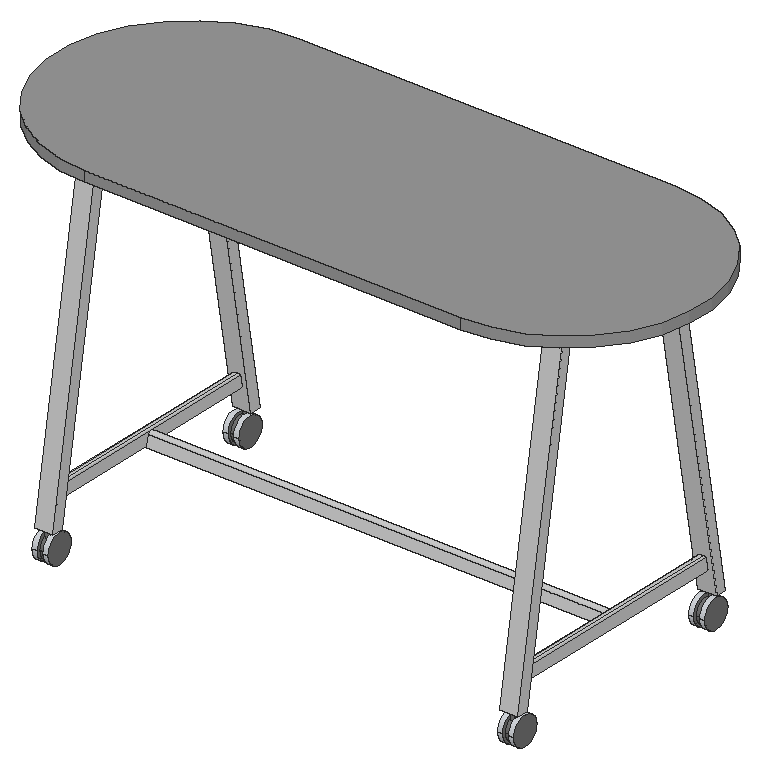
Revit family "Haworth_PopUp_RaceTrack_Table_EU_PRELIMINARY", category Furniture, Revit 2018
Family settings
  OmniClass Number = 23.40.70.14.64.21
  OmniClass Title = Systems Furniture
  Work Plane-Based = No
  Always vertical = Yes
  Cut with Voids When Loaded = No
  Shared = No
  Room Calculation Point = No
Parameters (values of type "180 x 76 x 104")
  Warranty = "http://www.haworth.com/resources/product-info/warranties"
  URL - Product = "https://www.haworth.com/eu/en/products/meeting-tables/popup.html"
  Type Comments = ""
  Top Width = if(Depth = 76 cm, 34 cm, if(Depth = 60 cm, 27 cm, 20 cm))  # 34 cm
  Table Radius = Actual Depth / 2  # 37.5 cm
  Table Finish [instance] = Haworth _ Laminate _ Undecided _ Tables
  Small = Depth < 50 cm  # no
  Plate Depth = Actual Depth - 35 cm  # 40 cm
  Model = "TPRTXXXX"  # constant formula
  Low = no
  Leg Finish [instance] = Haworth _ Paint _ Undecided _ Table
  Min/Max Height = "91.5, 104 cm"  # constant formula
  Large = not(Small)  # yes
  High = not(Low)  # yes
  Glides = not(Casters)  # no
  Foot Rail Finish [instance] = Haworth _ Paint _ Undecided _ Table
  Description = "Haworth - PopUp - RaceTrack Table"  # constant formula
  Width = 180 cm
  URL = "https://www.haworth.com/eu/en.html"
  Table Thickness = 3 cm  # constant formula
  Support Offset = 25 cm  # constant formula
  Size = "Verify Final Dim. w/ Haworth"  # constant formula
  Revision Number = "1"  # constant formula
  Min/Max Width = "120, 140, 160, 180 cm"  # constant formula
  Min/Max Depth = "46, 60, 76 cm"  # constant formula
  Min. Width = 120 cm  # constant formula
  Max. Width = 180 cm  # constant formula
  Min. Depth = 45 cm  # constant formula
  Max. Depth = 75 cm  # constant formula
  Manufacturer = "Haworth"  # constant formula
  Leg Height = Actual Height - Table Thickness  # 101 cm
  Depth = 76 cm
  Custom Size = not(and(or(Depth = 46 cm, Depth = 60 cm, Depth = 76 cm), or(Width = 120 cm, Width = 140 cm, Width = 160 cm, Width = 180 cm)))  # no
  Casters = yes
  Caster Finish = Haworth _ Paint _ Metallic Gunmetal
  Bag Hook [instance] = yes
  Author = "Haworth (Alias, Abd Rahman)"  # constant formula
  Assembly Code = "E2020200"
  Actual Width = if(Width < Min. Width, Min. Width, if(Width > Max. Width, Max. Width, Width))  # 180 cm
  Actual Height = if(Low, 91.5 cm, 104 cm)  # 104 cm
  Actual Depth = if(Depth > Max. Depth, Max. Depth, if(Depth < Min. Depth, Min. Depth, Depth))  # 75 cm
  Accent Plate [instance] = Depth > 50 cm  # yes
Types (4, lengths in cm): name | Top Width | Table Radius | Small | Plate Depth | Low | Large | High | Width | Leg Height | Depth | Actual Width | Actual Height | Actual Depth | Accent Plate
  180 x 76 x 104 | 34 | 37.5 | no | 40 | no | yes | yes | 180 | 101 | 76 | 180 | 104 | 75 | yes
  120 x 46 x 91.5 | 20 | 23 | yes | 11 | yes | no | no | 120 | 88.5 | 46 | 120 | 91.5 | 46 | no
  140 x 60 x 91.5 | 27 | 30 | no | 25 | no | yes | yes | 140 | 101 | 60 | 140 | 104 | 60 | yes
  160 x 76 x 91.5 | 34 | 37.5 | no | 40 | yes | yes | no | 160 | 88.5 | 76 | 160 | 91.5 | 75 | yes
Reference planes (cm)
  plane 1 "Center F/B": y = 15.6
  plane 2: z = 0
  plane 3 "Center L/R": x = 14.04
  plane 4 "Table Left": x = -75.96
  plane 5 "Table Right": x = 104.04
  plane 6 "Table Leg Left": x = -50.96
  plane 7 "Table Leg Right": x = 79.04
  plane 8 "Top": z = 104
  plane 9 "Table Thick": z = 101
  plane 10 "Bottom Stand 3": z = 15.0812
  plane 11 "Top Stand 3": z = 18.8912
  plane 12 "Back": y = 53.1
  plane 13 "Front": y = -21.9
  plane 14: y = -18.4822
  plane 15: y = 49.6822
  plane 16: x = 79.9915
  plane 17: x = 78.0865
  plane 18: x = -51.9115
  plane 19: x = -50.0065
  plane 20: y = 13.1
  plane 21: y = 18.1
  plane 22: z = 99.5
  plane 23: x = 70.04
  plane 24: x = -41.96
  plane 25: x = 70.04
  plane 26: x = -41.96
  plane 27: z = 100.9208
  plane 28: x = -67.1354
  plane 29: x = -67.0338
Forms (cm)
  Extrusion 1, solid, material "Haworth _ Laminate _ Undecided _ Tables" <- "Table Finish"
    sketch origin (0, 0, 104) x (-1, 0, 0) y (0, -1, 0)
      loop
        line (-66.5433, -53.1) -> (38.4908, -53.1)
        arc (38.4908, -53.1) -> (75.9908, -15.6) -> (38.4908, 21.9) r 37.5
        line (38.4908, 21.9) -> (-66.5433, 21.9)
        arc (-66.5433, 21.9) -> (-104.0433, -15.6) -> (-66.5433, -53.1) r 37.5
    from 0 to -3
  Extrusion 2, solid, material "Haworth _ Paint _ Undecided _ Table" <- "Foot Rail Finish"
    sketch origin (14.04, 0, 0) x (0, 1, 0) y (0, 0, 1)
      loop
        line (13.8855, 15.0812) -> (17.3145, 15.0812) -> (16.5749, 17.8414)
        arc (16.5749, 17.8414) -> (15.6, 18.5895) -> (14.6251, 17.8414) r 1.0093
        line (14.6251, 17.8414) -> (13.8855, 15.0812)
    from -65 to 65
  Extrusion 3, solid, material "Haworth _ Paint _ Undecided _ Table" <- "Foot Rail Finish"
    sketch origin (0, -21.9, 0) x (1, 0, 0) y (0, 0, 1)
      loop
        line (78.0865, 15.0812) -> (79.9915, 15.0812) -> (79.9915, 18.3852)
        arc (79.9915, 18.3852) -> (79.8433, 18.743) -> (79.4855, 18.8912) r 0.506
        line (79.4855, 18.8912) -> (78.5945, 18.8912)
        arc (78.5945, 18.8912) -> (78.2353, 18.7425) -> (78.0865, 18.3833) r 0.508
        line (78.0865, 18.3833) -> (78.0865, 15.0812)
    from -71.5822 to -3.4178
  Extrusion 4, solid, material "Haworth _ Paint _ Undecided _ Table" <- "Foot Rail Finish"
    sketch origin (28.08, -21.9, 0) x (-1, 0, 0) y (0, 0, -1)
      loop
        line (78.0865, -15.0813) -> (78.0865, -18.3833)
        arc (78.0865, -18.3833) -> (78.2353, -18.7425) -> (78.5945, -18.8913) r 0.508
        line (78.5945, -18.8913) -> (79.4855, -18.8913)
        arc (79.4855, -18.8913) -> (79.8433, -18.743) -> (79.9915, -18.3852) r 0.506
        line (79.9915, -18.3852) -> (79.9915, -15.0813) -> (78.0865, -15.0813)
    from -71.5822 to -3.4178
  Extrusion 5, solid, material "Haworth _ Paint _ Undecided _ Table" <- "Leg Finish"
    sketch origin (0, -21.9, 0) x (1, 0, 0) y (0, 0, 1)
      loop
        line (-70.669, 92.8849) -> (-70.8048, 92.8157) -> (-69.436, 90.1294)
        arc (-69.436, 90.1294) -> (-68.0076, 89.4709) -> (-67.0338, 90.7061) r 1.2703
        line (-67.0338, 90.7061) -> (-67.0338, 101) -> (-71.1354, 101) -> (-71.1354, 100.9208) -> (-67.1354, 100.9208) -> (-67.1354, 90.6821)
        arc (-67.1354, 90.6821) -> (-68.0063, 89.5773) -> (-69.2838, 90.1663) r 1.1361
        line (-69.2838, 90.1663) -> (-70.669, 92.8849)
    from -35 to -40
Lines and regions (cm)
  Masking region 1
    outline origin (0, 0, 104) x (-1, 0, 0) y (0, -1, 0)
      loop
        line (-66.5433, -53.1) -> (38.4908, -53.1)
        arc (38.4908, -53.1) -> (75.9908, -15.6) -> (38.4908, 21.9) r 37.5
        line (38.4908, 21.9) -> (-66.5433, 21.9)
        arc (-66.5433, 21.9) -> (-104.0433, -15.6) -> (-66.5433, -53.1) r 37.5
Dimensions and locks (cm)
  "Support Offset": plane 4 "Table Left" to plane 6 "Table Leg Left"
  "Support Offset": plane 7 "Table Leg Right" to plane 5 "Table Right"
  "Actual Width": plane 4 "Table Left" to plane 5 "Table Right"
  equal spacing: plane 4 "Table Left", plane 3 "Center L/R", plane 5 "Table Right"
  "Actual Height": plane 8 "Top" to level
  "Table Thickness": plane 8 "Top" to plane 9 "Table Thick"
  equal spacing: plane 13 "Front", plane 1 "Center F/B", plane 12 "Back"
  "Actual Depth": plane 13 "Front" to plane 12 "Back"
  locked: plane 13 "Front" to plane 14 at 3.4178
  locked: plane 15 to plane 12 "Back" at 3.4178
  plane 17 to plane 7 "Table Leg Right" to plane 16 = 0.9535 cm locked, 0.9515 cm locked
  plane 19 to plane 6 "Table Leg Left" to plane 18 = 0.9535 cm locked, 0.9515 cm locked
  equal spacing: plane 21, plane 1 "Center F/B", plane 20, locked at 2.5 each
  locked: plane 9 "Table Thick" to plane 22 at 1.5
  "Top Width": plane 23 to plane 5 "Table Right"
  "Top Width": plane 4 "Table Left" to plane 24
  "Top Width": plane 4 "Table Left" to plane 26
  "Top Width": plane 25 to plane 5 "Table Right"
  locked: plane 9 "Table Thick" to plane 27 at 0.0792
  plane 4 "Table Left" to plane 28 to plane 29 = 8.8246 cm locked, 0.1016 cm locked
  "Table Radius": radius of Extrusion 1 sketch curve  (x2)
  "Table Radius": radius of Masking region 1 sketch curve  (x2)
  aligned and locked: plane 9 "Table Thick" to Extrusion 1
  aligned and locked: Extrusion 1 to plane 8 "Top"
  aligned and locked: plane 7 "Table Leg Right" to Extrusion 2
  aligned and locked: Extrusion 2 to plane 6 "Table Leg Left"
  aligned and locked: plane 7 "Table Leg Right" to nested 1
  aligned and locked: plane 13 "Front" to nested 1
  aligned and locked: nested 2 to plane 7 "Table Leg Right"
  aligned and locked: nested 2 to plane 12 "Back"
  aligned and locked: Extrusion 3 to plane 15
  aligned and locked: plane 14 to Extrusion 3
  aligned and locked: plane 6 "Table Leg Left" to nested 3
  aligned and locked: nested 3 to plane 13 "Front"
  aligned and locked: nested 4 to plane 6 "Table Leg Left"
  aligned and locked: plane 12 "Back" to nested 4
  aligned and locked: Extrusion 3 sketch curve to plane 11 "Top Stand 3"
  aligned and locked: Extrusion 3 sketch curve to plane 10 "Bottom Stand 3"
  aligned and locked: Extrusion 3 sketch curve to plane 16
  aligned and locked: Extrusion 3 sketch curve to plane 17
  aligned and locked: Extrusion 4 sketch curve to plane 18
  aligned and locked: Extrusion 4 sketch curve to plane 19
  aligned and locked: plane 11 "Top Stand 3" to Extrusion 4 sketch curve
  aligned and locked: plane 10 "Bottom Stand 3" to Extrusion 4 sketch curve
  aligned and locked: plane 14 to Extrusion 4
  aligned and locked: Extrusion 4 to plane 15
  aligned and locked: plane 7 "Table Leg Right" to nested 5
  aligned and locked: nested 5 to plane 22
  aligned and locked: nested 5 to plane 1 "Center F/B"
  aligned and locked: plane 6 "Table Leg Left" to nested 6
  aligned and locked: nested 6 to plane 22
  aligned and locked: plane 1 "Center F/B" to nested 6
  aligned and locked: plane 12 "Back" to Masking region 1 sketch curve
  aligned and locked: plane 13 "Front" to Masking region 1 sketch curve
  aligned and locked: plane 12 "Back" to Extrusion 1 sketch curve
  aligned and locked: plane 13 "Front" to Extrusion 1 sketch curve
  aligned and locked: Extrusion 5 sketch curve to plane 29
  aligned and locked: Extrusion 5 sketch curve to plane 28
  aligned and locked: Extrusion 5 sketch curve to plane 27
  aligned and locked: Extrusion 5 to plane 9 "Table Thick"
  aligned and locked: Extrusion 5 to plane 21
  aligned and locked: Extrusion 5 to plane 20
Automatic sketch dimensions
  Extrusion 2 sketch curve to plane 10 "Bottom Stand 3" = 0 cm
  Extrusion 2 sketch curve to plane 1 "Center F/B" = 0 cm
  plane 1 "Center F/B" to Extrusion 2 sketch curve = 0.9749 cm
  plane 1 "Center F/B" to Extrusion 2 sketch curve = 1.7145 cm
  Extrusion 2 sketch curve to plane 1 "Center F/B" = 0.9749 cm
  Extrusion 2 sketch curve to plane 1 "Center F/B" = 1.7145 cm
  Extrusion 2 sketch curve to plane 11 "Top Stand 3" = 1.3111 cm
  Extrusion 2 sketch curve to Extrusion 2 sketch curve = 0.2612 cm
  Extrusion 3 sketch curve to plane 7 "Table Leg Right" = 0.4455 cm
  plane 7 "Table Leg Right" to Extrusion 3 sketch curve = 0.4455 cm
  Extrusion 4 sketch curve to plane 6 "Table Leg Left" = 0.4455 cm
  plane 6 "Table Leg Left" to Extrusion 4 sketch curve = 0.4455 cm
  plane 25 to Extrusion 1 sketch curve = 3.4967 cm
  plane 26 to Extrusion 1 sketch curve = 3.4692 cm
  plane 24 to Masking region 1 sketch curve = 3.4692 cm
  plane 23 to Masking region 1 sketch curve = 3.4967 cm
  Extrusion 5 sketch curve to Extrusion 5 sketch curve = 1.1361 cm
  Extrusion 5 sketch curve to Extrusion 5 sketch curve = 0.0326 cm
  Extrusion 5 sketch curve to Extrusion 5 sketch curve = 0.9796 cm
  Extrusion 5 sketch curve to Extrusion 5 sketch curve = 0.1523 cm
  Extrusion 5 sketch curve to Extrusion 5 sketch curve = 1.233 cm
  Extrusion 5 sketch curve to Extrusion 5 sketch curve = 0.1358 cm
  plane 28 to Extrusion 5 sketch curve = 4 cm
  plane 22 to Extrusion 5 sketch curve = 6.6151 cm
  Extrusion 5 sketch curve to Extrusion 5 sketch curve = 0.0692 cm
  Extrusion 5 sketch curve to Extrusion 5 sketch curve = 2.1788 cm
  Extrusion 5 sketch curve to Extrusion 5 sketch curve = 0.0241 cm
  Extrusion 5 sketch curve to plane 9 "Table Thick" = 0 cm
Nested families (cm)
  nested 1: "Haworth_PopUp-Leg_PART" at (79.04, -0.31, 0), Large Plate Control <- "Small", Small Plate Control <- "Large", type "Leg"
    with Small Plate Control yes, Large Plate Control no, Leg Height 101 cm
  nested 2: "Haworth_PopUp-Leg_PART" at (79.04, 31.51, 0), Small Plate Control <- "Large", type "Leg"
    with Small Plate Control yes, Large Plate Control no, Leg Height 101 cm
  nested 3: "Haworth_PopUp-Leg_PART" at (-50.96, -0.31, 0) x (-1, 0, 0) z (0, 0, 1), Large Plate Control <- "Small", Small Plate Control <- "Large", type "Leg"
    with Small Plate Control yes, Large Plate Control no, Leg Height 101 cm
  nested 4: "Haworth_PopUp-Leg_PART" at (-50.96, 31.51, 0) x (-1, 0, 0) z (0, 0, 1), Small Plate Control <- "Large", type "Leg"
    with Small Plate Control yes, Large Plate Control no, Leg Height 101 cm
  nested 5: "Haworth_PopUp-AccentPlate_PART" at (79.04, -0.8039, 11), visible <- "Accent Plate", type "Accent Plate"
  nested 6: "Haworth_PopUp-AccentPlate_PART" at (-50.96, -0.8039, 11) x (-1, 0, 0) z (0, 0, 1), visible <- "Accent Plate", type "Accent Plate"
Definition of nested family "Haworth_PopUp-Leg_PART"
  Parameters (values of type "Leg")
    Warranty = "http://www.haworth.com/resources/product-info/warranties"
    URL - Product = "https://www.haworth.com/products/tables/collaborative/popup"
    URL = "www.haworth.com"
    Table 41h = yes
    Table 36h = no
    Support Thickness = 0.7938 cm  # constant formula
    Small Plate Control [instance] = yes
    Revision = "1"  # constant formula
    Model = "Haworth PopUp"  # constant formula
    Manufacturer = "Haworth"  # constant formula
    Leg Height = 101.1238 cm
    Leg Finish = none
    Large Plate Control [instance] = yes
    Glides = no
    Description = "Haworth - PopUp Table - Leg_Part"  # constant formula
    Depth = if(Table 41h, 20.5978 cm, 18.3753 cm)  # 20.5978 cm
    Casters = yes
    Caster Finish = none
    Bottom Leg = if(Casters, 8.7313 cm, 2.54 cm)  # 8.7313 cm
    Author = "Haworth (Alias, Abd Rahman)"  # constant formula
    Assembly Code = ""
  Reference planes (cm)
    plane 1 "Back": y = -0.9922
    plane 2: z = 0
    plane 3 "Center (Left/Right)": x = 0
    plane 4 "Top of Leg": z = 101.1238
    plane 5 "Right": x = 2.54
    plane 6 "Left": x = -2.54
    plane 7 "Front": y = -21.59
    plane 8 "Front Stand 1": through (0, -20.3978, 7.62) normal (0, -0.9848, 0.1736)
    plane 9 "Back Stand 1": through (0, -17.4274, 7.0962) normal (0, -0.9848, 0.1736)
    plane 10 "Top of Stand": z = 100.33
    plane 11 "Back Support": y = 3.3413
    plane 12 "Right Support": x = 3.1673
    plane 13 "Front Support": y = -6.8187
    plane 14 "Left Support": x = -9.5327
    plane 15 "Caster Height": z = 8.7312
    plane 16 "Front Casters": y = -18.6472
    plane 17: y = -19.937
    plane 18: y = 10.1327
    plane 19: x = 6.985
    plane 20: x = -7.0488
    plane 21: y = -10.1873
  Forms (cm)
    Extrusion 1, solid, material <- "Leg Finish"
      sketch origin (-2.54, 0, 0) x (0, -1, 0) y (0, 0, 1)
        loop
          line (20.2019, 8.7312) -> (4.0505, 100.33) -> (0.9877, 100.33) -> (17.1391, 8.7312) -> (20.2019, 8.7312)
      from -5.08 to 0
    Extrusion 2, solid, material <- "Leg Finish", visible <- "Small Plate Control"
      sketch origin (0, 0, 100.33) x (0, -1, 0) y (1, 0, 0)
        loop
          arc (-3.3413, -8.8977) -> (-3.1553, -9.3467) -> (-2.7063, -9.5327) r 0.635
          line (-2.7063, -9.5327) -> (6.1837, -9.5327)
          arc (6.1837, -9.5327) -> (6.6327, -9.3467) -> (6.8187, -8.8977) r 0.635
          line (6.8187, -8.8977) -> (6.8187, 2.5323)
          arc (6.8187, 2.5323) -> (6.6327, 2.9814) -> (6.1837, 3.1673) r 0.635
          line (6.1837, 3.1673) -> (-2.7063, 3.1673)
          arc (-2.7063, 3.1673) -> (-3.1553, 2.9814) -> (-3.3413, 2.5323) r 0.635
          line (-3.3413, 2.5323) -> (-3.3413, -8.8977)
      from 0 to 0.7937
    Extrusion 3, solid, visible <- "Glides"
      sketch origin (0, 0, 100.33) x (0, -1, 0) y (1, 0, 0)
        loop
          circle (19.937, 0) r 1.27
      from -100.33 to -91.5988
    Extrusion 4, solid, material <- "Leg Finish", visible <- "Large Plate Control"
      sketch origin (0, 0, 100.33) x (0, -1, 0) y (1, 0, 0)
        loop
          arc (-10.1327, -6.4138) -> (-9.9467, -6.8628) -> (-9.4977, -7.0488) r 0.635
          line (-9.4977, -7.0488) -> (9.5523, -7.0488)
          arc (9.5523, -7.0488) -> (10.0013, -6.8628) -> (10.1873, -6.4138) r 0.635
          line (10.1873, -6.4138) -> (10.1873, 6.35)
          arc (10.1873, 6.35) -> (10.0013, 6.799) -> (9.5523, 6.985) r 0.635
          line (9.5523, 6.985) -> (-9.4977, 6.985)
          arc (-9.4977, 6.985) -> (-9.9467, 6.799) -> (-10.1327, 6.35) r 0.635
          line (-10.1327, 6.35) -> (-10.1327, -6.4138)
      from 0 to 0.7937
  Lines and regions (cm)
    symbolic lines, detail levels medium+fine
      curve 1: line (-2.54, -21.59, 100.33) -> (2.54, -21.59, 100.33)
      curve 2: line (2.54, -21.59, 100.33) -> (2.54, -0.9922, 100.33)
      curve 3: line (2.54, -0.9922, 100.33) -> (-2.54, -0.9922, 100.33)
      curve 4: line (-2.54, -0.9922, 100.33) -> (-2.54, -21.59, 100.33)
    symbolic lines, visible <- "Small Plate Control", detail levels medium+fine
      curve 5: line (2.5323, 3.3413, 100.33) -> (-8.8977, 3.3413, 100.33)
      curve 6: arc (-8.8977, 3.3413, 100.33) -> (-9.3467, 3.1553, 100.33) -> (-9.5327, 2.7063, 100.33) r 0.635
      curve 7: line (-9.5327, 2.7063, 100.33) -> (-9.5327, -6.1837, 100.33)
      curve 8: arc (-9.5327, -6.1837, 100.33) -> (-9.3467, -6.6327, 100.33) -> (-8.8977, -6.8187, 100.33) r 0.635
      curve 9: line (-8.8977, -6.8187, 100.33) -> (2.5323, -6.8187, 100.33)
      curve 10: arc (2.5323, -6.8187, 100.33) -> (2.9814, -6.6327, 100.33) -> (3.1673, -6.1837, 100.33) r 0.635
      curve 11: line (3.1673, -6.1837, 100.33) -> (3.1673, 2.7063, 100.33)
      curve 12: arc (3.1673, 2.7063, 100.33) -> (2.9814, 3.1553, 100.33) -> (2.5323, 3.3413, 100.33) r 0.635
    symbolic lines, visible <- "Large Plate Control", detail levels medium+fine
      curve 13: line (6.985, -9.5523, 100.33) -> (6.985, 9.4977, 100.33)
      curve 14: arc (6.985, 9.4977, 100.33) -> (6.799, 9.9467, 100.33) -> (6.35, 10.1327, 100.33) r 0.635
      curve 15: line (6.35, 10.1327, 100.33) -> (-6.4138, 10.1327, 100.33)
      curve 16: arc (-6.4138, 10.1327, 100.33) -> (-6.8628, 9.9467, 100.33) -> (-7.0488, 9.4977, 100.33) r 0.635
      curve 17: line (-7.0488, 9.4977, 100.33) -> (-7.0488, -9.5523, 100.33)
      curve 18: arc (-7.0488, -9.5523, 100.33) -> (-6.8628, -10.0013, 100.33) -> (-6.4138, -10.1873, 100.33) r 0.635
      curve 19: line (-6.4138, -10.1873, 100.33) -> (6.35, -10.1873, 100.33)
      curve 20: arc (6.35, -10.1873, 100.33) -> (6.799, -10.0013, 100.33) -> (6.985, -9.5523, 100.33) r 0.635
  Dimensions and locks (cm)
    "Leg Height": plane 4 "Top of Leg" to level
    "Support Thickness": plane 4 "Top of Leg" to plane 10 "Top of Stand"
    "Bottom Leg": plane 15 "Caster Height" to plane 2
    "Depth": plane 7 "Front" to plane 1 "Back"
    aligned and locked: Extrusion 1 sketch curve to plane 9 "Back Stand 1"
    aligned and locked: plane 8 "Front Stand 1" to Extrusion 1 sketch curve
    aligned and locked: plane 10 "Top of Stand" to Extrusion 1 sketch curve
    aligned and locked: plane 5 "Right" to Extrusion 1
    aligned and locked: plane 6 "Left" to Extrusion 1
    aligned and locked: Extrusion 2 to plane 10 "Top of Stand"
    aligned and locked: plane 4 "Top of Leg" to Extrusion 2
    aligned and locked: Extrusion 2 sketch curve to plane 12 "Right Support"
    aligned and locked: Extrusion 2 sketch curve to plane 13 "Front Support"
    aligned and locked: Extrusion 2 sketch curve to plane 14 "Left Support"
    aligned and locked: Extrusion 2 sketch curve to plane 11 "Back Support"
    aligned and locked: Extrusion 1 sketch curve to plane 15 "Caster Height"
    aligned and locked: plane 3 "Center (Left/Right)" to Extrusion 3 sketch curve
    aligned and locked: Extrusion 3 to level
    aligned and locked: plane 15 "Caster Height" to Extrusion 3
    aligned and locked: nested 1 to plane 16 "Front Casters"
    aligned and locked: nested 1 to plane 3 "Center (Left/Right)"
    aligned and locked: plane 17 to Extrusion 3 sketch curve
    aligned and locked: plane 7 "Front" to curve 1
    aligned and locked: plane 5 "Right" to curve 2
    aligned and locked: plane 6 "Left" to curve 4
    aligned and locked: Extrusion 4 sketch curve to plane 19
    aligned and locked: Extrusion 4 sketch curve to plane 18
    aligned and locked: plane 20 to Extrusion 4 sketch curve
    aligned and locked: Extrusion 4 sketch curve to plane 21
    aligned and locked: Extrusion 4 to plane 10 "Top of Stand"
    aligned and locked: plane 4 "Top of Leg" to Extrusion 4
    aligned and locked: curve 7 to Extrusion 2
    aligned and locked: curve 8 to Extrusion 2
    aligned and locked: curve 10 to Extrusion 2
    aligned and locked: curve 12 to Extrusion 2
    aligned and locked: curve 13 to Extrusion 4
    aligned and locked: curve 15 to Extrusion 4
    aligned and locked: curve 17 to Extrusion 4
    aligned and locked: curve 19 to Extrusion 4
  Automatic sketch dimensions
    Extrusion 2 sketch curve to plane 11 "Back Support" = 0.635 cm  (x2)
    Extrusion 2 sketch curve to plane 13 "Front Support" = 0.635 cm  (x2)
    plane 1 "Back" to curve 3 = 0 cm
    Extrusion 4 sketch curve to Extrusion 4 sketch curve = 0.635 cm  (x2)
    Extrusion 4 sketch curve to plane 18 = 0.635 cm
    Extrusion 4 sketch curve to plane 21 = 0.635 cm
    curve 5 to curve 6 = 0.635 cm
    curve 15 to curve 16 = 0.635 cm
    curve 13 to plane 18 = 0.635 cm
    curve 18 to curve 18 = 0.635 cm
    curve 20 to curve 20 = 0.635 cm
    radius of Extrusion 3 sketch curve = 1.27 cm
  Nested families (cm)
    nested 1: "Haworth_3in Caster_Part" at (0, -18.6472, 0) x (-1, 0, 0) z (0, 0, 1), visible <- "Casters", type "Haworth_3in Caster_Part"
  Definition of nested family "Haworth_3in Caster_Part"
    Parameters (values of type "Haworth_3in Caster_Part")
      Caster Finish = none
      Cart Leg Finish = none
      Assembly Code = ""
    Reference planes (cm)
      plane 1 "Center (Front/Back)": y = 0
      plane 2: z = 0
      plane 3 "Center (Left/Right)": x = 0
    Forms (cm)
      Extrusion 1, solid
        sketch origin (0, 0, -0.0538) x (0, 1, 0) y (0, 0, 1)
          loop
            circle (-1.2369, 4.0225) r 3.9688
        from 2.2225 to 0.7938
      Extrusion 2, solid
        sketch origin (0, 0, -0.0538) x (0, 1, 0) y (0, 0, 1)
          loop
            circle (-1.2369, 4.0225) r 3.9688
        from -2.2225 to -0.7938
      Extrusion 3, solid, material <- "Cart Leg Finish"
        sketch origin (0, 0, 0) x (0, 1, 0) y (0, 0, 1)
          loop
            circle (-1.2369, 3.9687) r 3.3338
        from -0.7938 to 0.7938
      Extrusion 4, solid, material <- "Cart Leg Finish"
        sketch origin (0, 0, 0) x (1, 0, 0) y (0, 1, 0)
          loop
            circle (0, 0) r 0.635
        from 6.1913 to 8.7313
    Cuts and joins
      joined: Extrusion 3, Extrusion 4
    Dimensions and locks (cm)
      plane 3 "Center (Left/Right)" to Extrusion 2 = 0.7938 cm
      Extrusion 1 to plane 3 "Center (Left/Right)" = 2.2225 cm
Definition of nested family "Haworth_PopUp-AccentPlate_PART"
  Parameters (values of type "Accent Plate")
    Warranty = "http://www.haworth.com/resources/product-info/warranties"
    URL - Product = "https://www.haworth.com/products/tables/collaborative/popup"
    URL = "www.haworth.com"
    Revision = "1"  # constant formula
    Model = "Haworth PopUp"  # constant formula
    Manufacturer = "Haworth"  # constant formula
    Leg Height = 88.5 cm
    Leg Finish = none
    Description = "Haworth - PopUp Table - Accent Plate - Part"  # constant formula
    Bottom Leg = 8.7313 cm
    Author = "Haworth (Abd Rahman)"  # constant formula
    Assembly Code = ""
    Accent Plate Width = 40 cm
  Reference planes (cm)
    plane 1: y = -3.5961
    plane 2: z = 0
    plane 3 "Center (Left/Right)": x = 0
    plane 4 "Top of Leg": z = 88.5
    plane 5 "Front Stand 1": through (0, -20.3978, 7.62) normal (0, -0.9848, 0.1736)
    plane 6 "Back Stand 1": through (0, -17.4274, 7.0962) normal (0, -0.9848, 0.1736)
    plane 7 "Left Support": x = -1.5
    plane 8 "Caster Height": z = 8.7312
    plane 9: x = 1.5
    plane 10: y = 36.4039
    plane 11: y = 16.4039
    plane 12: z = 82.5
  Forms (cm)
    Extrusion 1, solid, material <- "Leg Finish"
      sketch origin (-7.7377, -1.308, 1.1894) x (1, 0, 0) y (0, 0, 1)
        loop
          line (6.2377, 81.3106) -> (9.2377, 81.3106) -> (9.2377, 86.8046)
          arc (9.2377, 86.8046) -> (9.0895, 87.1624) -> (8.7317, 87.3106) r 0.506
          line (8.7317, 87.3106) -> (6.7457, 87.3106)
          arc (6.7457, 87.3106) -> (6.3865, 87.1618) -> (6.2377, 86.8026) r 0.508
          line (6.2377, 86.8026) -> (6.2377, 81.3106)
      from 2.2881 to -37.7119
  Lines and regions (cm)
    Masking region 1
      outline origin (0, 0, 87.7063) x (0, -1, 0) y (1, 0, 0)
        loop
          line (-36.4039, -1.5) -> (3.5961, -1.5) -> (3.5961, 1.5) -> (-36.4039, 1.5) -> (-36.4039, -1.5)
  Dimensions and locks (cm)
    "Leg Height": plane 4 "Top of Leg" to level
    "Bottom Leg": plane 8 "Caster Height" to plane 2
    equal spacing: plane 1, plane 11, plane 10
    "Accent Plate Width": plane 1 to plane 10
    locked: plane 4 "Top of Leg" to plane 12 at 6
    equal spacing: plane 7 "Left Support", plane 3 "Center (Left/Right)", plane 9
    aligned and locked: Extrusion 1 to plane 10
    aligned and locked: plane 1 to Extrusion 1
    aligned and locked: plane 4 "Top of Leg" to Extrusion 1
    aligned and locked: plane 12 to Extrusion 1
    aligned and locked: Masking region 1 sketch curve to plane 1
    aligned and locked: Masking region 1 sketch curve to plane 9
    aligned and locked: Masking region 1 sketch curve to plane 7 "Left Support"
    aligned and locked: plane 10 to Masking region 1 sketch curve
    aligned and locked: plane 9 to Extrusion 1
    aligned and locked: Extrusion 1 to plane 7 "Left Support"
  Automatic sketch dimensions
    Extrusion 1 sketch curve to plane 7 "Left Support" = 0 cm
    Extrusion 1 sketch curve to Extrusion 1 sketch curve = 0.508 cm
    Extrusion 1 sketch curve to plane 7 "Left Support" = 2.494 cm
    Extrusion 1 sketch curve to plane 7 "Left Support" = 3 cm
    Extrusion 1 sketch curve to plane 4 "Top of Leg" = 6 cm
    Extrusion 1 sketch curve to plane 4 "Top of Leg" = 0.508 cm
